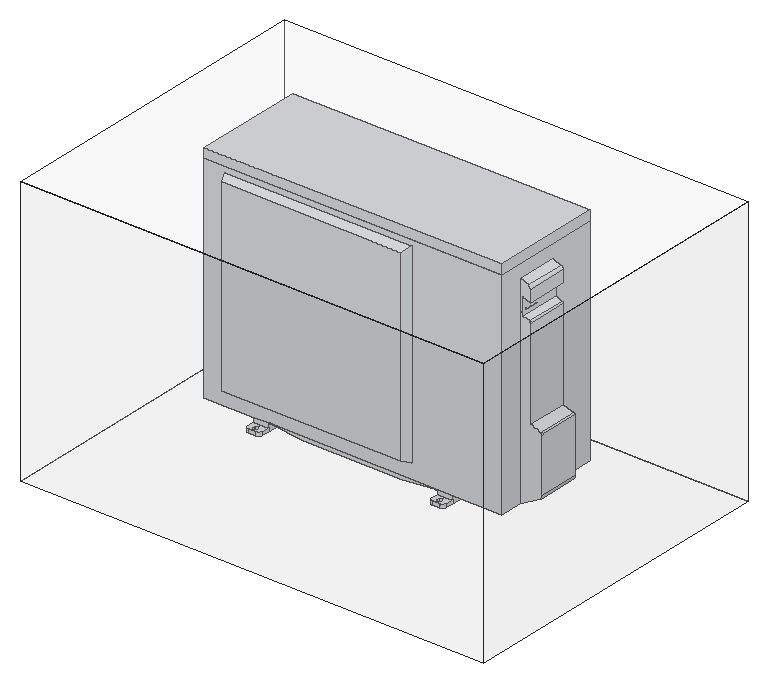
Revit family "puz-zrmp40_63(s)ka11_60Hz", category 機械設備, Revit 2019 (continued)
Definition of nested family "PUZ-ZRMP-1"
  Lines and regions (mm)
    model lines, visible <- "タイプ1", detail levels fine
      curve 340: arc (-404.5, -95, 79) -> (-404.5, -98.536, 77.536) -> (-404.5, -100, 74) r 5
      curve 341: arc (-404.5, -100, 64) -> (-404.5, -98.536, 60.464) -> (-404.5, -95, 59) r 5
    model lines, visible <- "タイプ3", not visible
      curve 342: line (-404.5, -100, 907) -> (-404.5, -60, 907)
      curve 343: line (-404.5, -100, 1097) -> (-404.5, -100, 907)
      curve 344: line (-404.5, -60, 1097) -> (-404.5, -100, 1097)
      curve 345: line (-404.5, -60, 907) -> (-404.5, -60, 1097)
      curve 346: line (-404.5, 60, 907) -> (-404.5, 100, 907)
      curve 347: line (-404.5, 60, 1097) -> (-404.5, 60, 907)
      curve 348: line (-404.5, 100, 1097) -> (-404.5, 60, 1097)
      curve 349: line (-404.5, 100, 907) -> (-404.5, 100, 1097)
      curve 350: line (-404.5, -46.667, 907) -> (-404.5, -6.667, 907)
      curve 351: line (-404.5, -46.667, 1097) -> (-404.5, -46.667, 907)
      curve 352: line (-404.5, -6.667, 1097) -> (-404.5, -46.667, 1097)
      curve 353: line (-404.5, -6.667, 907) -> (-404.5, -6.667, 1097)
      curve 354: line (-404.5, 6.667, 907) -> (-404.5, 46.667, 907)
      curve 355: line (-404.5, 6.667, 1097) -> (-404.5, 6.667, 907)
      curve 356: line (-404.5, 46.667, 1097) -> (-404.5, 6.667, 1097)
      curve 357: line (-404.5, 46.667, 907) -> (-404.5, 46.667, 1097)
      curve 358: line (-404.5, -100, 1112) -> (-404.5, -60, 1112)
      curve 359: line (-404.5, -100, 1302) -> (-404.5, -100, 1112)
      curve 360: line (-404.5, -60, 1302) -> (-404.5, -100, 1302)
      curve 361: line (-404.5, -60, 1112) -> (-404.5, -60, 1302)
      curve 362: line (-404.5, 60, 1112) -> (-404.5, 100, 1112)
      curve 363: line (-404.5, 60, 1302) -> (-404.5, 60, 1112)
      curve 364: line (-404.5, 100, 1302) -> (-404.5, 60, 1302)
      curve 365: line (-404.5, 100, 1112) -> (-404.5, 100, 1302)
      curve 366: line (-404.5, -46.667, 1112) -> (-404.5, -6.667, 1112)
      curve 367: line (-404.5, -46.667, 1302) -> (-404.5, -46.667, 1112)
      curve 368: line (-404.5, -6.667, 1302) -> (-404.5, -46.667, 1302)
      curve 369: line (-404.5, -6.667, 1112) -> (-404.5, -6.667, 1302)
      curve 370: line (-404.5, 6.667, 1112) -> (-404.5, 46.667, 1112)
      curve 371: line (-404.5, 6.667, 1302) -> (-404.5, 6.667, 1112)
      curve 372: line (-404.5, 46.667, 1302) -> (-404.5, 6.667, 1302)
      curve 373: line (-404.5, 46.667, 1112) -> (-404.5, 46.667, 1302)
    model lines, visible <- "タイプ2", not visible
      curve 374: line (-600, -100, 33.5) -> (-600, -60, 33.5)
      curve 375: line (-600, -100, 73.5) -> (-600, -100, 33.5)
      curve 376: line (-600, -60, 73.5) -> (-600, -100, 73.5)
      curve 377: line (-600, -60, 33.5) -> (-600, -60, 73.5)
      curve 378: line (-600, 60, 33.5) -> (-600, 100, 33.5)
      curve 379: line (-600, 60, 73.5) -> (-600, 60, 33.5)
      curve 380: line (-600, 100, 73.5) -> (-600, 60, 73.5)
      curve 381: line (-600, 100, 33.5) -> (-600, 100, 73.5)
      curve 382: line (-509, -46.667, 33.5) -> (-509, -6.667, 33.5)
      curve 383: line (-509, -46.667, 73.5) -> (-509, -46.667, 33.5)
      curve 384: line (-509, -6.667, 73.5) -> (-509, -46.667, 73.5)
      curve 385: line (-509, -6.667, 33.5) -> (-509, -6.667, 73.5)
      curve 386: line (-509, 6.667, 33.5) -> (-509, 46.667, 33.5)
      curve 387: line (-509, 6.667, 73.5) -> (-509, 6.667, 33.5)
      curve 388: line (-509, 46.667, 73.5) -> (-509, 6.667, 73.5)
      curve 389: line (-509, 46.667, 33.5) -> (-509, 46.667, 73.5)
      curve 483: line (-404.5, -100, 33.5) -> (-404.5, -60, 33.5)
      curve 484: line (-404.5, -100, 73.5) -> (-404.5, -100, 33.5)
      curve 485: line (-404.5, -60, 73.5) -> (-404.5, -100, 73.5)
      curve 486: line (-404.5, -60, 33.5) -> (-404.5, -60, 73.5)
      curve 487: line (-404.5, 60, 33.5) -> (-404.5, 100, 33.5)
      curve 488: line (-404.5, 60, 73.5) -> (-404.5, 60, 33.5)
      curve 489: line (-404.5, 100, 73.5) -> (-404.5, 60, 73.5)
      curve 490: line (-404.5, 100, 33.5) -> (-404.5, 100, 73.5)
      curve 491: line (-404.5, -46.667, 33.5) -> (-404.5, -6.667, 33.5)
      curve 492: line (-404.5, -46.667, 73.5) -> (-404.5, -46.667, 33.5)
      curve 493: line (-404.5, -6.667, 73.5) -> (-404.5, -46.667, 73.5)
      curve 494: line (-404.5, -6.667, 33.5) -> (-404.5, -6.667, 73.5)
      curve 495: line (-404.5, 6.667, 33.5) -> (-404.5, 46.667, 33.5)
      curve 496: line (-404.5, 6.667, 73.5) -> (-404.5, 6.667, 33.5)
      curve 497: line (-404.5, 46.667, 73.5) -> (-404.5, 6.667, 73.5)
      curve 498: line (-404.5, 46.667, 33.5) -> (-404.5, 46.667, 73.5)
    model lines, not visible
      curve 390: line (-404.5, -100, 87) -> (-404.5, -60, 87)
      curve 391: line (-404.5, -100, 277) -> (-404.5, -100, 87)
      curve 392: line (-404.5, -60, 277) -> (-404.5, -100, 277)
      curve 393: line (-404.5, -60, 87) -> (-404.5, -60, 277)
      curve 394: line (-404.5, -100, 292) -> (-404.5, -60, 292)
      curve 395: line (-404.5, -100, 482) -> (-404.5, -100, 292)
      curve 396: line (-404.5, -60, 482) -> (-404.5, -100, 482)
      curve 397: line (-404.5, -60, 292) -> (-404.5, -60, 482)
      curve 398: line (-404.5, -100, 497) -> (-404.5, -60, 497)
      curve 399: line (-404.5, -100, 687) -> (-404.5, -100, 497)
      curve 400: line (-404.5, -60, 687) -> (-404.5, -100, 687)
      curve 401: line (-404.5, -60, 497) -> (-404.5, -60, 687)
      curve 402: line (-404.5, -100, 702) -> (-404.5, -60, 702)
      curve 403: line (-404.5, -100, 892) -> (-404.5, -100, 702)
      curve 404: line (-404.5, -60, 892) -> (-404.5, -100, 892)
      curve 405: line (-404.5, -60, 702) -> (-404.5, -60, 892)
      curve 406: line (-404.5, 60, 87) -> (-404.5, 100, 87)
      curve 407: line (-404.5, 60, 277) -> (-404.5, 60, 87)
      curve 408: line (-404.5, 100, 277) -> (-404.5, 60, 277)
      curve 409: line (-404.5, 100, 87) -> (-404.5, 100, 277)
      curve 410: line (-404.5, -46.667, 87) -> (-404.5, -6.667, 87)
      curve 411: line (-404.5, -46.667, 277) -> (-404.5, -46.667, 87)
      curve 412: line (-404.5, -6.667, 277) -> (-404.5, -46.667, 277)
      curve 413: line (-404.5, -6.667, 87) -> (-404.5, -6.667, 277)
      curve 414: line (-404.5, 6.667, 87) -> (-404.5, 46.667, 87)
      curve 415: line (-404.5, 6.667, 277) -> (-404.5, 6.667, 87)
      curve 416: line (-404.5, 46.667, 277) -> (-404.5, 6.667, 277)
      curve 417: line (-404.5, 46.667, 87) -> (-404.5, 46.667, 277)
      curve 418: line (-404.5, 60, 292) -> (-404.5, 100, 292)
      curve 419: line (-404.5, 60, 482) -> (-404.5, 60, 292)
      curve 420: line (-404.5, 100, 482) -> (-404.5, 60, 482)
      curve 421: line (-404.5, 100, 292) -> (-404.5, 100, 482)
      curve 422: line (-404.5, 60, 702) -> (-404.5, 100, 702)
      curve 423: line (-404.5, 60, 892) -> (-404.5, 60, 702)
      curve 424: line (-404.5, 100, 892) -> (-404.5, 60, 892)
      curve 425: line (-404.5, 100, 702) -> (-404.5, 100, 892)
      curve 426: line (-404.5, -46.667, 292) -> (-404.5, -6.667, 292)
      curve 427: line (-404.5, -46.667, 482) -> (-404.5, -46.667, 292)
      curve 428: line (-404.5, -6.667, 482) -> (-404.5, -46.667, 482)
      curve 429: line (-404.5, -6.667, 292) -> (-404.5, -6.667, 482)
      curve 430: line (-404.5, -46.667, 497) -> (-404.5, -6.667, 497)
      curve 431: line (-404.5, -46.667, 687) -> (-404.5, -46.667, 497)
      curve 432: line (-404.5, -6.667, 687) -> (-404.5, -46.667, 687)
      curve 433: line (-404.5, -6.667, 497) -> (-404.5, -6.667, 687)
      curve 434: line (-404.5, -46.667, 702) -> (-404.5, -6.667, 702)
      curve 435: line (-404.5, -46.667, 892) -> (-404.5, -46.667, 702)
      curve 436: line (-404.5, -6.667, 892) -> (-404.5, -46.667, 892)
      curve 437: line (-404.5, -6.667, 702) -> (-404.5, -6.667, 892)
      curve 438: line (-404.5, 6.667, 292) -> (-404.5, 46.667, 292)
      curve 439: line (-404.5, 6.667, 482) -> (-404.5, 6.667, 292)
      curve 440: line (-404.5, 46.667, 482) -> (-404.5, 6.667, 482)
      curve 441: line (-404.5, 46.667, 292) -> (-404.5, 46.667, 482)
      curve 442: line (-404.5, 6.667, 497) -> (-404.5, 46.667, 497)
      curve 443: line (-404.5, 6.667, 687) -> (-404.5, 6.667, 497)
      curve 444: line (-404.5, 46.667, 687) -> (-404.5, 6.667, 687)
      curve 445: line (-404.5, 46.667, 497) -> (-404.5, 46.667, 687)
      curve 446: line (-404.5, 6.667, 702) -> (-404.5, 46.667, 702)
      curve 447: line (-404.5, 6.667, 892) -> (-404.5, 6.667, 702)
      curve 448: line (-404.5, 46.667, 892) -> (-404.5, 6.667, 892)
      curve 449: line (-404.5, 46.667, 702) -> (-404.5, 46.667, 892)
      curve 450: line (-338.5, -173.2, 372.5) -> (149.5, -173.2, 372.5)
      curve 451: line (149.5, -173.2, 277.5) -> (-338.5, -173.2, 277.5)
      curve 452: line (-338.5, -173.2, 467.5) -> (149.5, -173.2, 467.5)
      curve 453: line (-338.5, -173.2, 562.5) -> (149.5, -173.2, 562.5)
      curve 454: line (149.5, -173.2, 182.5) -> (-338.5, -173.2, 182.5)
      curve 455: line (149.5, -173.2, 87.5) -> (-338.5, -173.2, 87.5)
      curve 456: line (-321.071, -173.2, 579) -> (-321.071, -173.2, 71)
      curve 457: line (132.071, -173.2, 71) -> (132.071, -173.2, 579)
      curve 458: line (-303.643, -173.2, 579) -> (-303.643, -173.2, 71)
      curve 459: line (-286.214, -173.2, 579) -> (-286.214, -173.2, 71)
      curve 460: line (-268.786, -173.2, 579) -> (-268.786, -173.2, 71)
      curve 461: line (-251.357, -173.2, 579) -> (-251.357, -173.2, 71)
      curve 462: line (-233.929, -173.2, 579) -> (-233.929, -173.2, 71)
      curve 463: line (-216.5, -173.2, 579) -> (-216.5, -173.2, 71)
      curve 464: line (-199.071, -173.2, 579) -> (-199.071, -173.2, 71)
      curve 465: line (-181.643, -173.2, 579) -> (-181.643, -173.2, 71)
      curve 466: line (-164.214, -173.2, 579) -> (-164.214, -173.2, 71)
      curve 467: line (-146.786, -173.2, 579) -> (-146.786, -173.2, 71)
      curve 468: line (-129.357, -173.2, 579) -> (-129.357, -173.2, 71)
      curve 469: line (-111.929, -173.2, 579) -> (-111.929, -173.2, 71)
      curve 470: line (-94.5, -173.2, 579) -> (-94.5, -173.2, 71)
      curve 471: line (-77.071, -173.2, 579) -> (-77.071, -173.2, 71)
      curve 472: line (-59.643, -173.2, 579) -> (-59.643, -173.2, 71)
      curve 473: line (-42.214, -173.2, 579) -> (-42.214, -173.2, 71)
      curve 474: line (-24.786, -173.2, 579) -> (-24.786, -173.2, 71)
      curve 475: line (-7.357, -173.2, 579) -> (-7.357, -173.2, 71)
      curve 476: line (10.071, -173.2, 579) -> (10.071, -173.2, 71)
      curve 477: line (27.5, -173.2, 579) -> (27.5, -173.2, 71)
      curve 478: line (44.929, -173.2, 579) -> (44.929, -173.2, 71)
      curve 479: line (62.357, -173.2, 579) -> (62.357, -173.2, 71)
      curve 480: line (79.786, -173.2, 579) -> (79.786, -173.2, 71)
      curve 481: line (97.214, -173.2, 579) -> (97.214, -173.2, 71)
      curve 482: line (114.643, -173.2, 579) -> (114.643, -173.2, 71)
    symbolic lines, visible <- "タイプ1"
      curve 499: line (-278.151, 150, 630) -> (-404.5, 150, 630)
      curve 500: line (-404.5, 150, 630) -> (-404.5, -5.599, 630)
      curve 501: line (-404.5, 40, 630) -> (-424.5, 30, 630)
      curve 502: line (-424.5, 30, 630) -> (-424.5, -30, 630)
      curve 503: line (-424.5, -30, 630) -> (-404.5, -40, 630)
      curve 504: line (-404.5, -5.599, 630) -> (-404.5, -150, 630)
      curve 505: line (-404.5, -150, 630) -> (-301.612, -150, 630)
      curve 506: arc (-269.474, -173.2, 630) -> (-265.831, -178.124, 630) -> (-260, -180, 630) r 10
      curve 507: line (-260, -180, 630) -> (-240, -180, 630)
      curve 508: arc (-240, -180, 630) -> (-234.169, -178.124, 630) -> (-230.526, -173.2, 630) r 10
      curve 509: line (-301.612, -150, 630) -> (280.999, -150, 630)
      curve 510: line (230, -150, 630) -> (230, -170, 630)
      curve 511: arc (230, -170, 630) -> (232.929, -177.071, 630) -> (240, -180, 630) r 10
      curve 512: line (240, -180, 630) -> (260, -180, 630)
      curve 513: arc (260, -180, 630) -> (267.071, -177.071, 630) -> (270, -170, 630) r 10
      curve 514: line (270, -170, 630) -> (270, -150, 630)
      curve 515: line (280.999, -150, 630) -> (404.5, -150, 630)
      curve 516: line (404.5, -150, 630) -> (404.5, -77.105, 630)
      curve 517: line (404.5, -90, 630) -> (466.5, -90, 630)
      curve 518: line (466.5, -90, 630) -> (466.5, 20, 630)
      curve 519: line (466.5, 20, 630) -> (404.5, 20, 630)
      curve 520: line (404.5, -77.105, 630) -> (404.5, 150, 630)
      curve 521: line (404.5, 150, 630) -> (308.975, 150, 630)
      curve 522: line (270, 150, 630) -> (270, 180, 630)
      curve 523: line (270, 180, 630) -> (230, 180, 630)
      curve 524: line (230, 180, 630) -> (230, 150, 630)
      curve 525: line (308.975, 150, 630) -> (-278.151, 150, 630)
      curve 526: line (-230, 150, 630) -> (-230, 180, 630)
      curve 527: line (-230, 180, 630) -> (-270, 180, 630)
      curve 528: line (-270, 180, 630) -> (-270, 150, 630)
      curve 529: line (-324.5, 100, 630) -> (324.5, 100, 630)
      curve 530: line (-324.5, 40, 630) -> (-324.5, 100, 630)
      curve 531: line (324.5, 40, 630) -> (-324.5, 40, 630)
      curve 532: line (324.5, 100, 630) -> (324.5, 40, 630)
      curve 533: line (324.5, 30, 630) -> (-324.5, 30, 630)
      curve 534: line (324.5, -30, 630) -> (324.5, 30, 630)
      curve 535: line (-324.5, -30, 630) -> (324.5, -30, 630)
      curve 536: line (-324.5, 30, 630) -> (-324.5, -30, 630)
      curve 537: line (-324.5, -40, 630) -> (324.5, -40, 630)
      curve 538: line (-324.5, -100, 630) -> (-324.5, -40, 630)
      curve 539: line (324.5, -100, 630) -> (-324.5, -100, 630)
      curve 540: line (324.5, -40, 630) -> (324.5, -100, 630)
      curve 541: line (339.5, 100, 630) -> (354.5, 100, 630)
      curve 542: line (339.5, -100, 630) -> (339.5, 100, 630)
      curve 543: line (354.5, -100, 630) -> (339.5, -100, 630)
      curve 544: line (354.5, 100, 630) -> (354.5, -100, 630)
      curve 545: line (-354.5, 100, 630) -> (-339.5, 100, 630)
      curve 546: line (-354.5, -100, 630) -> (-354.5, 100, 630)
      curve 547: line (-339.5, -100, 630) -> (-354.5, -100, 630)
      curve 548: line (-339.5, 100, 630) -> (-339.5, -100, 630)
      curve 549: line (-338.5, -173.2, 630) -> (149.5, -173.2, 630)
      curve 550: line (149.5, -173.2, 630) -> (159.5, -150, 630)
      curve 551: line (-348.5, -150, 630) -> (-338.5, -173.2, 630)
  Dimensions and locks
    equal spacing: plane 8, plane 1 "中心(正面/背面)", plane 7
    "奥行き": plane 8 to plane 7
    equal spacing: plane 5, plane 3 "中心(左/右)", plane 6
    "幅さ": plane 5 to plane 6
    "高さ": plane 4 to level
    locked: plane 6 to plane 9 at 62
    locked: plane 8 to plane 10 at 60
    locked: plane 8 to plane 11 at 170
    locked: plane 4 to plane 12 at 25
    locked: plane 13 to plane 5 at 20
    "吊りボルト-D": plane 17 to plane 16
    equal spacing: plane 17, plane 1 "中心(正面/背面)", plane 16
    equal spacing: plane 14, plane 3 "中心(左/右)", plane 15
    "吊りボルト-W": plane 14 to plane 15
    plane 21 to plane 14 to plane 20 = 20 mm locked, 20 mm locked
    plane 19 to plane 15 to plane 18 = 20 mm locked, 20 mm locked
    locked: plane 16 to plane 22 at 15
    locked: plane 23 to plane 17 at 15
    locked: plane 24 to level at 8.5
    locked: plane 25 to level at 20
    locked: plane 26 to plane 24 at 3
    locked: plane 4 to plane 29 at 5
    plane 7 to plane 1 "中心(正面/背面)" to plane 8 = 150 mm, 150 mm
    plane 31 to plane 1 "中心(正面/背面)" to plane 30 = 40 mm locked, 40 mm locked
    plane 33 to plane 1 "中心(正面/背面)" to plane 32 = 30 mm locked, 30 mm locked
    locked: plane 34 to plane 12 at 5
    locked: plane 35 to level at 55
    locked: plane 36 to level at 225
    equal spacing: plane 6, plane 39, plane 9
    locked: plane 6 to plane 38 at 10
    locked: plane 20 to plane 27 at 95
    locked: plane 28 to plane 19 at 95
    "換気-D": plane 40 to plane 8
    "換気-W": plane 41 to plane 5
    "換気-H1": plane 42 to level
    plane 43 to plane 41 to plane 44 = 254 mm locked, 254 mm locked
    plane 45 to plane 42 to plane 46 = 264 mm locked, 264 mm locked
    locked: plane 43 to plane 48 at 10
    locked: plane 47 to plane 44 at 10
    locked: plane 45 to plane 49 at 10
    locked: plane 50 to plane 46 at 10
    locked: curve 26 to plane 50 at 16.5
    locked: plane 49 to curve 24 at 16.5
    equal spacing: curve 24, curve 23, curve 21, curve 22, curve 25, curve 26
    equal spacing: plane 48, curve 28, curve 53, curve 52, curve 51, curve 50, curve 49, curve 48, curve 47, curve 46, curve 45, curve 44, curve 43, curve 42, curve 41, curve 40, curve 39, curve 38, curve 37, curve 36, curve 35, curve 34, curve 33, curve 32, curve 31, curve 30, curve 29, curve 27, plane 47
    locked: curve 4 to curve 6 at 10
    locked: curve 3 to curve 5 at 10
    locked: plane 51 to plane 7 at 50
    locked: plane 8 to plane 52 at 50
    equal spacing: group 1, group 2, group 3, group 4, group 5, group 6, group 7, group 8, group 9, group 10, group 11, group 12, group 13, group 14, group 15, group 16, group 17, group 18  (x2)
    equal spacing: group 18, group 17, group 16, group 15, group 14, group 13, group 12, group 11, group 10, group 9, group 8, group 7, group 6, group 5, group 4, group 3, group 2, group 1
    "ドレン管径-X": plane 5 to plane 53
    "ドレン管径-Y": plane 8 to plane 54
    "配線取出口-Y": plane 57 to plane 7
    "冷媒液管径-Y": plane 58 to plane 7
    "冷媒ガス管径-Y": plane 59 to plane 7
    "配線取出口-X": plane 3 "中心(左/右)" to plane 56
    "冷媒ガス管径-X": plane 3 "中心(左/右)" to plane 55
    "冷媒液管径-X": plane 3 "中心(左/右)" to plane 60
    "冷媒液管径-Z": plane 62 to level
    "冷媒ガス管径-Z": plane 61 to level
    "配線取出口-Z": plane 63 to level
    locked: plane 57 to plane 64 at 50
    locked: plane 65 to plane 61 at 37.8
    locked: plane 66 to plane 62 at 16.1
    equal spacing: plane 55, plane 67, plane 60
    equal spacing: plane 58, plane 68, plane 59
    "a": plane 69 "グループ" to plane 3 "中心(左/右)"
    plane 71 to level = 943 mm
    plane 70 to level = 1338 mm
    locked: plane 37 to level at 570
    curve 21 to plane 42 to curve 22 = 47.5 mm locked, 47.5 mm locked
    "換気-H2": plane 72 to plane 42
    plane 73 to plane 72 to plane 74 = 264 mm locked, 264 mm locked
    locked: plane 76 to plane 74 at 10
    locked: plane 73 to plane 75 at 10
    plane 48 to plane 47 = 488 mm
    plane 68 to plane 7 = 185.5 mm
    plane 61 to level = 99.5 mm
    plane 65 to plane 61 = 37.8 mm
    plane 62 to level = 164.5 mm
    plane 66 to plane 62 = 16.1 mm
    plane 68 to plane 77 to plane 78 = 23 mm locked, 17.5 mm locked
    plane 68 to plane 77 = 23 mm
    plane 77 to plane 78 = 17.5 mm
    equal spacing: plane 77, plane 79, plane 78
    "ドレン配管サイズ": diameter of Extrusion 3 sketch curve
    "配線取出口サイズ": diameter of Extrusion 9 sketch curve
    "吊りボルト-φ": diameter of Extrusion 10 sketch curve  (x4)
    "冷媒配管サイズ": diameter of Sweep 11 sketch curve
    "ガス配管サイズ": diameter of Sweep 12 sketch curve
    aligned and locked: level to plane 2
    aligned and locked: Extrusion 1 to level
    aligned and locked: plane 25 to Extrusion 1
    aligned and locked: Extrusion 2 sketch curve to plane 25
    aligned and locked: Extrusion 2 sketch curve to plane 26
    aligned and locked: Extrusion 2 to plane 7
    aligned and locked: plane 8 to Extrusion 2
    aligned and locked: Extrusion 3 to plane 26
    aligned and locked: Extrusion 3 to plane 24
    aligned and locked: Extrusion 4 sketch curve to plane 7
    aligned and locked: Extrusion 4 sketch curve to plane 8
    aligned and locked: Extrusion 4 sketch curve to plane 5
    aligned and locked: Extrusion 4 sketch curve to plane 6
    aligned and locked: Extrusion 4 to plane 25
    aligned and locked: plane 12 to Extrusion 4
    aligned and locked: Extrusion 5 sketch curve to Extrusion 4  (x4)
    aligned and locked: Extrusion 5 to plane 12
    aligned and locked: plane 4 to Extrusion 5
    aligned and locked: plane 29 to Blend 6 sketch curve
    aligned and locked: Blend 6 sketch curve to plane 31
    aligned and locked: Blend 6 sketch curve to plane 12  (x2)
    aligned and locked: plane 30 to Blend 6 sketch curve
    aligned and locked: plane 34 to Blend 6 sketch curve
    aligned and locked: Blend 6 sketch curve to plane 33
    aligned and locked: plane 32 to Blend 6 sketch curve
    aligned and locked: Blend 6 to plane 13
    aligned and locked: plane 5 to Blend 6
    aligned and locked: Extrusion 7 sketch curve to plane 6
    aligned and locked: Extrusion 7 sketch curve to plane 9
    aligned and locked: Extrusion 7 sketch curve to plane 39
    aligned and locked: Extrusion 7 sketch curve to Extrusion 7 sketch curve
    aligned and locked: Extrusion 7 sketch curve to plane 38
    aligned and locked: Extrusion 7 to plane 11
    aligned and locked: plane 10 to Extrusion 7
    aligned and locked: Blend 8 sketch curve to plane 45
    aligned and locked: Blend 8 sketch curve to plane 46
    aligned and locked: Blend 8 sketch curve to plane 44
    aligned and locked: Blend 8 sketch curve to plane 43
    aligned and locked: Blend 8 sketch curve to plane 49
    aligned and locked: Blend 8 sketch curve to plane 47
    aligned and locked: Blend 8 sketch curve to plane 48
    aligned and locked: Blend 8 sketch curve to plane 50
    aligned and locked: Blend 8 to plane 8
    aligned and locked: plane 40 to Blend 8
    aligned and locked: curve 17 to plane 51
    aligned and locked: curve 1 to plane 51
    aligned and locked: plane 51 to curve 19
    aligned and locked: curve 18 to plane 52
    aligned and locked: plane 52 to curve 2
    aligned and locked: plane 52 to curve 20
    aligned and locked: plane 53 to Extrusion 3 sketch curve
    aligned and locked: plane 54 to Extrusion 3 sketch curve
    aligned and locked: plane 63 to Extrusion 9 sketch curve
    aligned and locked: plane 56 to Extrusion 9 sketch curve
    aligned and locked: plane 57 to Extrusion 9
    aligned and locked: Extrusion 9 to plane 64
    aligned and locked: plane 22 to Extrusion 10 sketch curve  (x4)
    aligned and locked: plane 21 to Extrusion 10 sketch curve
    aligned and locked: Extrusion 2 to Extrusion 10 sketch curve  (x2)
    aligned and locked: Extrusion 10 sketch curve to Extrusion 1  (x6)
    aligned and locked: plane 19 to Extrusion 10 sketch curve
    aligned and locked: Extrusion 10 sketch curve to plane 23  (x2)
    aligned and locked: Extrusion 10 sketch curve to plane 18
    aligned and locked: Extrusion 10 sketch curve to plane 20
    aligned and locked: plane 16 to Extrusion 10 sketch curve  (x2)
    aligned and locked: plane 14 to Extrusion 10 sketch curve  (x2)
    aligned and locked: plane 17 to Extrusion 10 sketch curve  (x2)
    aligned and locked: plane 15 to Extrusion 10 sketch curve  (x2)
    aligned and locked: level to Extrusion 10
    aligned and locked: plane 24 to Extrusion 10
    aligned and locked: Masking region 1 sketch curve to Extrusion 5  (x4)
    aligned and locked: Masking region 1 sketch curve to Blend 6  (x3)
    aligned and locked: Masking region 1 sketch curve to Extrusion 7  (x2)
    aligned and locked: Masking region 1 sketch curve to plane 9
    aligned and locked: Masking region 1 sketch curve to Extrusion 10  (x8)
    aligned and locked: Masking region 1 to curve 499
    aligned and locked: curve 500 to Masking region 1
    aligned and locked: curve 501 to Masking region 1
    aligned and locked: curve 502 to Masking region 1
    aligned and locked: curve 503 to Masking region 1
    aligned and locked: curve 504 to Masking region 1
    aligned and locked: curve 505 to Masking region 1
    aligned and locked: curve 506 to Masking region 1
    aligned and locked: curve 508 to Masking region 1
    aligned and locked: curve 510 to Masking region 1
    aligned and locked: curve 511 to Masking region 1
    aligned and locked: curve 513 to Masking region 1
    aligned and locked: Masking region 1 to curve 515
    aligned and locked: curve 516 to Masking region 1
    aligned and locked: curve 517 to Masking region 1
    aligned and locked: curve 518 to Masking region 1
    aligned and locked: curve 519 to Masking region 1
    aligned and locked: curve 520 to Masking region 1
    aligned and locked: curve 521 to Masking region 1
    aligned and locked: curve 522 to Masking region 1
    aligned and locked: curve 523 to Masking region 1
    aligned and locked: curve 524 to Masking region 1
    aligned and locked: curve 525 to Masking region 1
    aligned and locked: curve 526 to Masking region 1
    aligned and locked: curve 527 to Masking region 1
    aligned and locked: curve 528 to Masking region 1
    aligned and locked: curve 532 to curve 12
    aligned and locked: Masking region 1 sketch curve to curve 21
    aligned and locked: Masking region 1 sketch curve to Blend 8  (x2)
    aligned and locked: curve 549 to Blend 8
    aligned and locked: curve 550 to Blend 8
    aligned and locked: curve 551 to Blend 8
    aligned and locked: plane 78 to Sweep 12 sketch curve
    aligned and locked: plane 58 to Sweep 12 sketch curve
    aligned and locked: plane 77 to Sweep 11 sketch curve
    aligned and locked: plane 58 to Sweep 11 sketch curve
    aligned and locked: plane 61 to Sweep 12 sketch curve
  Automatic sketch dimensions
    Extrusion 2 sketch curve to plane 20 = 0 mm
    Extrusion 2 sketch curve to plane 27 = 0 mm
    Extrusion 2 sketch curve to plane 28 = 0 mm
    Extrusion 2 sketch curve to plane 19 = 0 mm
    Extrusion 7 sketch curve to plane 39 = 0 mm
    Extrusion 7 sketch curve to plane 25 = 0 mm
    Extrusion 7 sketch curve to plane 36 = 0 mm
    Extrusion 7 sketch curve to plane 37 = 0 mm
    Extrusion 7 sketch curve to Extrusion 7 sketch curve = 10 mm
    Extrusion 7 sketch curve to plane 39 = 6.58 mm
    Extrusion 7 sketch curve to Extrusion 7 sketch curve = 5 mm  (x2)
    plane 39 to Extrusion 7 sketch curve = 21 mm
    Extrusion 7 sketch curve to plane 39 = 3.29 mm
    Extrusion 7 sketch curve to plane 9 = 3.29 mm
    Extrusion 7 sketch curve to plane 35 = 2.87 mm
    Extrusion 7 sketch curve to Extrusion 7 sketch curve = 81.633 mm
    Extrusion 7 sketch curve to Extrusion 7 sketch curve = 30.244 mm
    Extrusion 7 sketch curve to Extrusion 7 sketch curve = 7.643 mm
    plane 7 to Extrusion 1 sketch curve = 0 mm  (x2)
    Extrusion 1 sketch curve to plane 18 = 0 mm
    plane 8 to Extrusion 1 sketch curve = 0 mm  (x2)
    Extrusion 1 sketch curve to plane 19 = 0 mm
    Extrusion 1 sketch curve to plane 20 = 0 mm
    Extrusion 1 sketch curve to plane 21 = 0 mm
    curve 383 to curve 384 = 40 mm
    curve 382 to curve 386 = 13.333 mm
    curve 386 to curve 386 = 40 mm
    curve 382 to curve 389 = 0 mm
    curve 382 to curve 384 = 40 mm
    curve 384 to curve 387 = 0 mm
    curve 375 to curve 376 = 40 mm
    curve 374 to curve 378 = 120 mm
    curve 378 to curve 378 = 40 mm
    curve 374 to curve 381 = 0 mm
    curve 374 to curve 376 = 40 mm
    curve 378 to curve 379 = 40 mm
    curve 25 to plane 47 = 0 mm
    curve 24 to plane 47 = 0 mm
    curve 22 to plane 47 = 0 mm
    curve 23 to plane 47 = 0 mm
    curve 26 to plane 47 = 0 mm
    curve 21 to plane 47 = 0 mm
    curve 24 to plane 48 = 0 mm
    curve 25 to plane 48 = 0 mm
    curve 26 to plane 48 = 0 mm
    curve 23 to plane 48 = 0 mm
    curve 22 to plane 48 = 0 mm
    curve 21 to plane 48 = 0 mm
    curve 37 to plane 50 = 0 mm
    curve 52 to plane 50 = 0 mm
    curve 51 to plane 50 = 0 mm
    curve 50 to plane 50 = 0 mm
    curve 49 to plane 50 = 0 mm
    curve 48 to plane 50 = 0 mm
    curve 47 to plane 50 = 0 mm
    curve 46 to plane 50 = 0 mm
    curve 45 to plane 50 = 0 mm
    curve 44 to plane 50 = 0 mm
    curve 43 to plane 50 = 0 mm
    curve 42 to plane 50 = 0 mm
    curve 41 to plane 50 = 0 mm
    curve 27 to plane 50 = 0 mm
    curve 28 to plane 50 = 0 mm
    curve 40 to plane 50 = 0 mm
    curve 39 to plane 50 = 0 mm
    curve 29 to plane 50 = 0 mm
    curve 38 to plane 50 = 0 mm
    curve 30 to plane 50 = 0 mm
    curve 53 to plane 50 = 0 mm
    curve 31 to plane 50 = 0 mm
    curve 36 to plane 50 = 0 mm
    curve 32 to plane 50 = 0 mm
    curve 35 to plane 50 = 0 mm
    curve 33 to plane 50 = 0 mm
    curve 34 to plane 50 = 0 mm
    curve 28 to plane 49 = 0 mm
    curve 41 to plane 49 = 0 mm
    curve 27 to plane 49 = 0 mm
    curve 42 to plane 49 = 0 mm
    curve 31 to plane 49 = 0 mm
    curve 40 to plane 49 = 0 mm
    curve 37 to plane 49 = 0 mm
    curve 39 to plane 49 = 0 mm
    curve 32 to plane 49 = 0 mm
    curve 45 to plane 49 = 0 mm
    curve 36 to plane 49 = 0 mm
    curve 46 to plane 49 = 0 mm
    curve 43 to plane 49 = 0 mm
    curve 47 to plane 49 = 0 mm
    curve 29 to plane 49 = 0 mm
    curve 48 to plane 49 = 0 mm
    curve 30 to plane 49 = 0 mm
    curve 49 to plane 49 = 0 mm
    curve 44 to plane 49 = 0 mm
    curve 50 to plane 49 = 0 mm
    curve 33 to plane 49 = 0 mm
    curve 51 to plane 49 = 0 mm
    curve 35 to plane 49 = 0 mm
    curve 52 to plane 49 = 0 mm
    curve 38 to plane 49 = 0 mm
    curve 53 to plane 49 = 0 mm
    curve 34 to plane 49 = 0 mm
    Masking region 1 sketch curve to plane 5 = 0 mm
    Masking region 1 sketch curve to plane 6 = 0 mm
    plane 7 to Masking region 1 sketch curve = 0 mm  (x2)
    Masking region 1 sketch curve to plane 15 = 10 mm
    Masking region 1 sketch curve to plane 19 = 0 mm
    plane 8 to Masking region 1 sketch curve = 0 mm  (x2)
    plane 32 to curve 535 = 0 mm
    plane 33 to curve 534 = 0 mm
    curve 541 to plane 56 = 45.5 mm
    curve 13 to curve 20 = 15 mm
    plane 18 to curve 535 = 54.5 mm
    curve 532 to curve 6 = 0 mm
    curve 537 to curve 5 = 0 mm
    plane 47 to curve 536 = 14 mm
    plane 47 to curve 538 = 14 mm
    plane 47 to curve 1 = 14 mm
    curve 16 to plane 47 = 1 mm
    curve 15 to plane 44 = 6 mm
    plane 1 "中心(正面/背面)" to curve 504 = 5.599 mm
    curve 528 to curve 499 = 8.151 mm
    curve 521 to curve 522 = 38.975 mm
    curve 516 to plane 10 = 12.895 mm
    curve 515 to curve 514 = 10.999 mm
    plane 40 to Masking region 1 sketch curve = 0 mm
    Masking region 1 sketch curve to plane 40 = 3.2 mm  (x2)
    Masking region 1 sketch curve to plane 14 = 10 mm
    Masking region 1 sketch curve to plane 20 = 0.526 mm
    curve 509 to plane 21 = 31.612 mm
    plane 40 to curve 506 = 0 mm
    plane 40 to curve 508 = 0 mm
    Sweep 12 sketch curve to plane 65 = 0 mm
    Sweep 11 sketch curve to plane 62 = 0 mm
    Sweep 11 sketch curve to plane 66 = 0 mm
    plane 17 to Extrusion 10 sketch curve = 0 mm  (x2)
    Extrusion 10 sketch curve to plane 40 = 3.2 mm  (x5)
    Extrusion 10 sketch curve to plane 15 = 10 mm
    Extrusion 10 sketch curve to Extrusion 10 sketch curve = 0 mm
    Sweep 11 sketch curve to plane 67 = 0 mm
    Sweep 11 sketch curve to profile plane = 0 mm
    Sweep 12 sketch curve to plane 67 = 0 mm
    Sweep 12 sketch curve to profile plane = 0 mm
Definition of nested family "固定点"
  Parameters (values of type "固定点")
    中心円 = if(W > 599 mm, 12 mm, 10 mm)  # 12 mm
    W = 1000 mm
    D = 1000 mm
  Reference planes
    plane 1 "中心(正面/背面)": y = 0
    plane 2: z = 0
    plane 3 "中心(左/右)": x = 0
    plane 4: x = 1000
    plane 5: y = 1000
  Lines and regions (mm)
    symbolic lines, detail levels fine
      curve 1: circle (0, 1000, 0) r 6 normal (0, 0, 1)
      curve 2: circle (0, 0, 0) r 6 normal (0, 0, 1)
      curve 3: circle (1000, 1000, 0) r 6 normal (0, 0, 1)
      curve 4: circle (1000, 0, 0) r 6 normal (0, 0, 1)
      curve 5: line (-200, 1000, 0) -> (1200, 1000, 0)
      curve 6: line (-200, 0, 0) -> (1200, 0, 0)
      curve 7: line (0, 1200, 0) -> (0, -200, 0)
      curve 8: line (1000, 1200, 0) -> (1000, -200, 0)
  Dimensions and locks
    "W": plane 3 "中心(左/右)" to plane 4
    "D": plane 1 "中心(正面/背面)" to plane 5
    "中心円": diameter of curve 1
    "中心円": diameter of curve 2
    "中心円": diameter of curve 3
    "中心円": diameter of curve 4
    aligned and locked: level to plane 2
    aligned and locked: plane 5 to curve 1
    aligned and locked: plane 3 "中心(左/右)" to curve 1
    aligned and locked: plane 3 "中心(左/右)" to curve 2
    aligned and locked: plane 1 "中心(正面/背面)" to curve 2
    aligned and locked: plane 4 to curve 3
    aligned and locked: plane 5 to curve 3
    aligned and locked: plane 1 "中心(正面/背面)" to curve 4
    aligned and locked: plane 4 to curve 4
    aligned and locked: plane 1 "中心(正面/背面)" to curve 6
    aligned and locked: curve 7 to plane 3 "中心(左/右)"
    aligned and locked: curve 8 to plane 4
  Automatic sketch dimensions
    curve 5 to plane 5 = 0 mm
    curve 6 to plane 3 "中心(左/右)" = 200 mm
    curve 5 to plane 3 "中心(左/右)" = 200 mm
    curve 4 to curve 6 = 200 mm
    curve 3 to curve 5 = 200 mm
    plane 1 "中心(正面/背面)" to curve 8 = 200 mm
    plane 1 "中心(正面/背面)" to curve 7 = 200 mm
    curve 3 to curve 8 = 200 mm
    curve 1 to curve 7 = 200 mm
Types (11, lengths in mm): name | 音響パワーレベル（冷）(dB) | 音響パワーレベル(dB) | 電動機出力_圧縮機 | 質量 | 製品質量 | 相 | 消費電力_暖房 | 消費電力_冷房 | 消費電力 | 構成品番 | 極数 | 暖房能力 | 推奨ブレーカー容量 | 価格 | 冷房能力 | URL
  (no name) | 64 | 66 | 0.6 kW | 49.20 kg | 41.00 kg | 3 | 0.705 kW | 0.615 kW | 0.705 kW | "PUZ-ZRMP40KA" | 3 | 4 kW | 15 A | 482000 | 3.6 kW | "https://www.mitsubishielectric.co.jp/ldg/wink/ssl/displayProduct.do?pid=311383"
  PUZ-ZRMP40KA11 | 64 | 66 | 0.6 kW | 49.20 kg | 41.00 kg | 3 | 0.705 kW | 0.615 kW | 0.705 kW | "PUZ-ZRMP40KA" | 3 | 4 kW | 15 A | 482000 | 3.6 kW | "https://www.mitsubishielectric.co.jp/ldg/wink/ssl/displayProduct.do?pid=311383"
  PUZ-ZRMP40SKA11 | 64 | 66 | 0.6 kW | 51.60 kg | 43.00 kg | 1 | 0.705 kW | 0.615 kW | 0.705 kW | "PUZ-ZRMP40SKA" | 1 | 4 kW | 20 A | 482000 | 3.6 kW | "https://www.mitsubishielectric.co.jp/ldg/wink/ssl/displayProduct.do?pid=311384"
  PUZ-ZRMP45SKA11 | 64 | 66 | 0.7 kW | 51.60 kg | 43.00 kg | 1 | 0.837 kW | 0.731 kW | 0.837 kW | "PUZ-ZRMP45SKA" | 1 | 4.5 kW | 20 A | 531000 | 4 kW | "https://www.mitsubishielectric.co.jp/ldg/wink/ssl/displayProduct.do?pid=311390"
  PUZ-ZRMP45KA11 | 64 | 66 | 0.7 kW | 49.20 kg | 41.00 kg | 3 | 0.837 kW | 0.731 kW | 0.837 kW | "PUZ-ZRMP45KA" | 3 | 4.5 kW | 15 A | 531000 | 4 kW | "https://www.mitsubishielectric.co.jp/ldg/wink/ssl/displayProduct.do?pid=311389"
  PUZ-ZRMP50SKA11 | 65 | 67 | 0.8 kW | 51.60 kg | 43.00 kg | 1 | 0.968 kW | 0.875 kW | 0.968 kW | "PUZ-ZRMP50SKA" | 1 | 5 kW | 20 A | 575000 | 4.5 kW | "https://www.mitsubishielectric.co.jp/ldg/wink/ssl/displayProduct.do?pid=311396"
  PUZ-ZRMP50KA11 | 65 | 67 | 0.8 kW | 49.20 kg | 41.00 kg | 3 | 0.968 kW | 0.875 kW | 0.968 kW | "PUZ-ZRMP50KA" | 3 | 5 kW | 15 A | 575000 | 4.5 kW | "https://www.mitsubishielectric.co.jp/ldg/wink/ssl/displayProduct.do?pid=311395"
  PUZ-ZRMP56SKA11 | 65 | 67 | 0.9 kW | 51.60 kg | 43.00 kg | 1 | 1.15 kW | 1.09 kW | 1.15 kW | "PUZ-ZRMP56SKA" | 1 | 5.6 kW | 20 A | 613000 | 5 kW | "https://www.mitsubishielectric.co.jp/ldg/wink/ssl/displayProduct.do?pid=311402"
  PUZ-ZRMP56KA11 | 65 | 67 | 0.9 kW | 49.20 kg | 41.00 kg | 3 | 1.15 kW | 1.09 kW | 1.15 kW | "PUZ-ZRMP56KA" | 3 | 5.6 kW | 15 A | 613000 | 5 kW | "https://www.mitsubishielectric.co.jp/ldg/wink/ssl/displayProduct.do?pid=311401"
  PUZ-ZRMP63SKA11 | 65 | 67 | 1.2 kW | 51.60 kg | 43.00 kg | 1 | 1.34 kW | 1.28 kW | 1.34 kW | "PUZ-ZRMP63SKA" | 1 | 6.3 kW | 30 A | 663000 | 5.6 kW | "https://www.mitsubishielectric.co.jp/ldg/wink/ssl/displayProduct.do?pid=311408"
  PUZ-ZRMP63KA11 | 65 | 67 | 1.2 kW | 50.40 kg | 42.00 kg | 3 | 1.34 kW | 1.28 kW | 1.34 kW | "PUZ-ZRMP63KA" | 3 | 6.3 kW | 15 A | 663000 | 5.6 kW | "https://www.mitsubishielectric.co.jp/ldg/wink/ssl/displayProduct.do?pid=311407"
